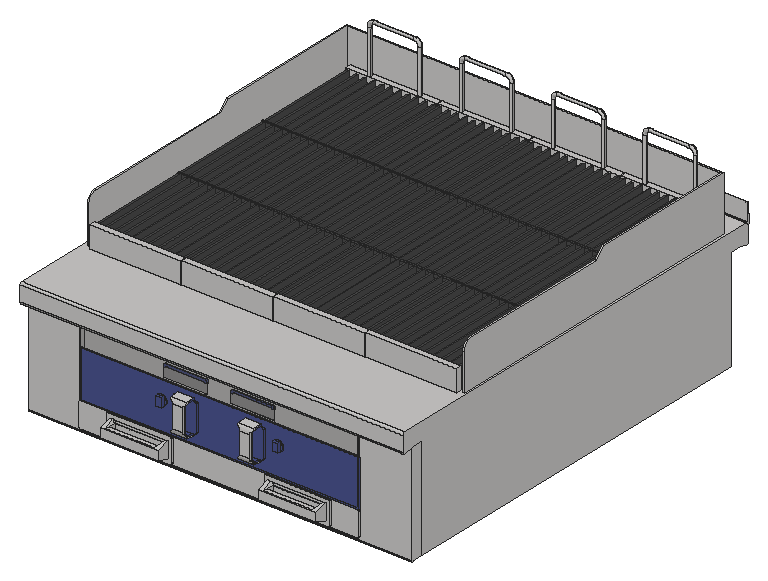
Revit family "QF_ELECTROLUXPROFESSIONAL_593301_MCDAABDOVO", category Specialty Equipment, Revit 2018
Family settings
  Round Connector Dimension = Use Diameter
  Part Type = Normal
  Work Plane-Based = No
  Always vertical = Yes
  Cut with Voids When Loaded = No
  Shared = No
  Room Calculation Point = No
Parameters (values of type "Standard")
  Weight = 65.00 kg
  Watts = 0 W
  Volts = 0 V
  URL Manufacturer = "http://professional.electrolux.com"
  URL = "http://professional.electrolux.com"
  Steam Supply Size = 0"
  Steam Supply Minimum Pressure = 0.00 psi
  Steam Supply Maximum Pressure = 0.00 psi
  Steam Pounds per Hour = 0
  Show Clearance [instance] = yes
  Refrigeration Suction Line Size = 0 mm
  Refrigeration Liquid Line Size = 0 mm
  Refrigerant Compressor Remote = yes
  Phase = 0
  Model = "MCDAABDOVO"
  Manufacturer = "Electrolux Professional"
  Length Actual = 400 mm  # constant formula
  Item Number = "593301"
  Hot Water Size = 0"
  Height Actual = 250 mm  # constant formula
  HP = "0 HP"
  Gas Size = 1/2"
  Gas KW = 9.5
  Gas Input Pressure = 0.776646 Btu/h
  Direct Waste Size = 0"
  Description = "GAS CHARGRILL,TOWNGAS,1S,BS,400X900X250H"
  Depth Actual = 900 mm  # constant formula
  Cycle = 0 Hz
  Condensate Return Size = 0"
  Compressed Air Volume = 0 GPM
  Compressed Air Size = 0"
  Compressed Air Pressure = 0.00 psi
  Cold Water Size = 0"
  Accessory = yes
Reference planes
  plane 1 "BACK": y = 0
  plane 2: z = 0
  plane 3 "LEFT": x = 0
  plane 4 "RIGHT": x = 800
  plane 5 "FRONT": y = -900
  plane 6 "TOP": z = 250
  plane 7: x = 400
  plane 8: y = -450
  plane 9: y = -1330
Forms (mm)
  Extrusion 1, solid, material "QF_Finishes_Stainless Steel"
    sketch origin (0, -487.128, 0) x (0, 1, 0) y (0, 0, 1)
      loop
        line (483.128, 250) -> (-408.872, 250)
        arc (-408.872, 250) -> (-411.7, 248.828) -> (-412.872, 246) r 4
        line (-412.872, 246) -> (-412.872, 214)
        arc (-412.872, 214) -> (-411.443, 210.936) -> (-408.177, 210.061) r 4
        line (-408.177, 210.061) -> (-391.509, 213) -> (-366.872, 213) -> (-366.872, 0) -> (441.128, 0) -> (441.128, 213) -> (465.765, 213) -> (482.433, 210.061)
        arc (482.433, 210.061) -> (485.699, 210.936) -> (487.128, 214) r 4
        line (487.128, 214) -> (487.128, 246)
        arc (487.128, 246) -> (485.956, 248.828) -> (483.128, 250) r 4
    from 0 to 800
  Extrusion 2, solid, material "QF_Finishes_Stainless Steel"
    sketch origin (0, -854, 0) x (1, 0, 0) y (0, -1, 0)
      loop
        circle (760, -264) r 6.35
    from 0 to 3.2
  Extrusion 3, solid, material "QF_Clearances", visible <- "Show Clearance", detail levels coarse
    sketch origin (-178.969, -4572, 0) x (-1, 0, 0) y (0, -1, 0)
      loop
        line (-26.969, -3672) -> (-178.969, -3672) -> (-178.969, -4572) -> (-978.969, -4572) -> (-978.969, -3672) -> (-1130.969, -3672) -> (-1130.969, -4775) -> (-26.969, -4775) -> (-26.969, -3672)
    from 0 to 250
  Extrusion 4, solid, material "QF_Finishes_Stainless Steel"
    sketch origin (0, -950.048, 294.179) x (0, -1, 0) y (0, 0, -1)
      loop
        arc (-948.097, 42.179) -> (-947.511, 43.594) -> (-946.097, 44.179) r 2
        arc (-946.097, 44.179) -> (-948.877, 45.357) -> (-950.048, 48.185) r 4
        line (-950.048, 48.185) -> (-950.048, 6.179) -> (-948.097, 6.179) -> (-948.097, 42.179)
    from 0 to 800
  Extrusion 5, solid, material "QF_Door-Drawer Clearances", visible <- "Show Clearance", detail levels coarse
    sketch origin (437.31, -881.593, 8.62) x (0, 0, 1) y (-1, 0, 0)
      loop
        line (1.973, -254.69) -> (49.317, -254.69)
        arc (49.317, -254.69) -> (50.776, -254.086) -> (51.38, -252.627) r 2.063
        line (51.38, -252.627) -> (51.38, 326.457)
        arc (51.38, 326.457) -> (50.88, 328.154) -> (49.541, 329.31) r 3.133
        line (49.541, 329.31) -> (3.067, 329.31)
        arc (3.067, 329.31) -> (0.898, 328.412) -> (0, 326.243) r 3.067
        line (0, 326.243) -> (0, -252.717)
        arc (0, -252.717) -> (0.578, -254.112) -> (1.973, -254.69) r 1.973
    from 0 to 448.407
Lines and regions (mm)
  symbolic lines
    curve 1: line (0, 0, 0) -> (800, 0, 0)
    curve 2: line (0, -900, 0) -> (0, 0, 0)
    curve 3: line (800, -900, 0) -> (0, -900, 0)
    curve 4: line (800, 0, 0) -> (800, -900, 0)
  symbolic lines, style "QF_Clearances", visible <- "Show Clearance", detail levels coarse
    curve 5: line (-152, 203, 0) -> (-152, -900, 0)
    curve 6: line (952, 203, 0) -> (-152, 203, 0)
    curve 7: line (952, -900, 0) -> (952, 203, 0)
  symbolic lines, style "SpecialityEquipment"
    curve 8: line (0, -1.951, 0) -> (800, -1.951, 0)
  symbolic lines, style "QF_Door-Drawer Clearances"
    curve 9: line (108, -900, 0) -> (108, -1330, 0)
    curve 10: line (108, -1330, 0) -> (692, -1330, 0)
    curve 11: line (692, -1330, 0) -> (692, -900, 0)
Dimensions and locks
  plane 3 "LEFT" to plane 4 "RIGHT" = 800 mm
  plane 5 "FRONT" to plane 1 "BACK" = 900 mm
  equal spacing: plane 3 "LEFT", plane 7, plane 4 "RIGHT"
  equal spacing: plane 5 "FRONT", plane 8, plane 1 "BACK"
  plane 6 "TOP" to level = 250 mm  (x2)
  plane 1 "BACK" to plane 5 "FRONT" = 900 mm
  Extrusion 2 sketch curve to plane 1 "BACK" = 590 mm
  Extrusion 2 sketch curve to plane 4 "RIGHT" = 40 mm
  Extrusion 3 to plane 3 "LEFT" = 152 mm
  locked: plane 4 "RIGHT" to Extrusion 3 at 152
  plane 1 "BACK" to Extrusion 3 = 203 mm
  plane 5 "FRONT" to plane 9 = 430 mm
  aligned and locked: level to plane 2
  aligned and locked: plane 6 "TOP" to Extrusion 3
  aligned and locked: Extrusion 1 to plane 4 "RIGHT"
  aligned and locked: plane 7 to nested 1
Automatic sketch dimensions
  Extrusion 1 sketch curve to plane 5 "FRONT" = 0 mm
  Extrusion 1 sketch curve to plane 6 "TOP" = 0 mm
  Extrusion 1 sketch curve to level = 0 mm
  Extrusion 1 sketch curve to plane 1 "BACK" = 0 mm
  Extrusion 1 sketch curve to plane 6 "TOP" = 37 mm  (x2)
  Extrusion 1 sketch curve to plane 5 "FRONT" = 4 mm
  Extrusion 1 sketch curve to plane 5 "FRONT" = 21.363 mm
  Extrusion 1 sketch curve to Extrusion 1 sketch curve = 24.637 mm
  plane 1 "BACK" to Extrusion 1 sketch curve = 46 mm
  plane 1 "BACK" to Extrusion 1 sketch curve = 21.363 mm
  plane 1 "BACK" to Extrusion 1 sketch curve = 4 mm  (x2)
  Extrusion 1 sketch curve to Extrusion 1 sketch curve = 4 mm
  Extrusion 1 sketch curve to Extrusion 1 sketch curve = 0.695 mm
  Extrusion 1 sketch curve to Extrusion 1 sketch curve = 0 mm  (x4)
  plane 1 "BACK" to Extrusion 1 sketch curve = 4.695 mm
  Extrusion 1 sketch curve to Extrusion 1 sketch curve = 1 mm  (x2)
  plane 5 "FRONT" to Extrusion 3 sketch curve = 0 mm  (x2)
  plane 1 "BACK" to Extrusion 3 sketch curve = 0 mm
  Extrusion 3 sketch curve to plane 4 "RIGHT" = 0 mm
  Extrusion 3 sketch curve to plane 3 "LEFT" = 0 mm
  Extrusion 3 sketch curve to plane 1 "BACK" = 203 mm
  Extrusion 3 sketch curve to plane 4 "RIGHT" = 152 mm
  Extrusion 3 sketch curve to plane 3 "LEFT" = 152 mm
  curve 4 to plane 4 "RIGHT" = 0 mm
  plane 1 "BACK" to curve 1 = 0 mm
  curve 1 to plane 3 "LEFT" = 0 mm
  plane 5 "FRONT" to curve 4 = 0 mm
  plane 5 "FRONT" to curve 7 = 0 mm
  plane 5 "FRONT" to curve 5 = 0 mm
  curve 6 to plane 4 "RIGHT" = 152 mm
  curve 5 to plane 3 "LEFT" = 152 mm
  curve 7 to plane 1 "BACK" = 203 mm
  plane 1 "BACK" to curve 8 = 1.951 mm
  Extrusion 4 sketch curve to plane 1 "BACK" = 0 mm  (x2)
  Extrusion 4 sketch curve to plane 6 "TOP" = 2 mm
  Extrusion 4 sketch curve to plane 6 "TOP" = 0 mm
  Extrusion 4 sketch curve to Extrusion 4 sketch curve = 1.951 mm
  plane 6 "TOP" to Extrusion 4 sketch curve = 0.006 mm
  Extrusion 4 sketch curve to Extrusion 4 sketch curve = 0.049 mm
  Extrusion 4 sketch curve to Extrusion 4 sketch curve = 36 mm
  Extrusion 4 sketch curve to Extrusion 4 sketch curve = 0 mm
  plane 5 "FRONT" to curve 9 = 0 mm
  plane 5 "FRONT" to curve 11 = 0 mm
  plane 3 "LEFT" to curve 9 = 108 mm
  plane 4 "RIGHT" to curve 11 = 108 mm
  curve 11 to curve 11 = 430 mm
  level to Extrusion 5 sketch curve = 8.62 mm
  level to Extrusion 5 sketch curve = 57.937 mm
  plane 4 "RIGHT" to Extrusion 5 sketch curve = 108 mm
  Extrusion 5 sketch curve to Extrusion 5 sketch curve = 1.973 mm
  Extrusion 5 sketch curve to Extrusion 5 sketch curve = 3.067 mm
  Extrusion 5 sketch curve to Extrusion 5 sketch curve = 46.474 mm
  Extrusion 5 sketch curve to Extrusion 5 sketch curve = 2.063 mm
  Extrusion 5 sketch curve to Extrusion 5 sketch curve = 1.293 mm
  plane 3 "LEFT" to Extrusion 5 sketch curve = 111.067 mm
  radius of Extrusion 2 sketch curve = 6.35 mm
Nested families
  nested 1: "FMGC_900_800 Front Panel two knobs" at (-200.158, -854, -650), type "FMGC_900_800 Front Panel two knobs"
    with Width 800 mm
  nested 2: "FMGC_900_CharGrill" at (138.888, -5, 0), type "FMGC_900_CharGrill"
    with Width 800 mm, No. of Rails 4, Grill Width 190 mm
Connectors
  piping at (760, -590, -3.2), diameter 12.8
    settings: on Extrusion 2, index 1, connector inside diameter 0.50394", connector length 0 mm, flow factor 0, pipe flow 0 GPM, pressure drop 0.00 psi, fitting loss kfactor 0, connector angle 0.00°, fixture units 0, engagement length 0 mm, angle of deflection 0.00°, flow configuration 1, flow direction 1, fitting loss method 0, system type 7, joint type 0, gender type 0, connector reference index -1, connector utility 0, adjustable connector no, is connector primary yes, connector description "GAS CONNECTION"
Definition of nested family "FMGC_900_800 Front Panel two knobs"
  Parameters
    Width [instance] = 800 mm
    Keynote = ""
  Reference planes
    plane 1 "Center (Front/Back)": y = 0
    plane 2: z = 0
    plane 3 "Center (Left/Right)": x = 200.158
    plane 4: x = 600.158
    plane 5: x = 530.079
    plane 6: x = 670.237
    plane 7: x = 1000.158
  Forms (mm)
    Extrusion 1, void
      sketch origin (1213.217, 829.203, -1.25) x (1, 0, 0) y (0, 0, 1)
        loop
          line (-321.059, 853.25) -> (-905.059, 853.25) -> (-905.059, 711.25) -> (-321.059, 711.25) -> (-321.059, 853.25)
      from 843.409 to 854.203
    Extrusion 2, solid
      sketch origin (1133.217, 829.203, -1.25) x (0, 1, 0) y (0, 0, 1)
        loop
          arc (-854.203, 654.25) -> (-853.324, 652.129) -> (-851.203, 651.25) r 3
          line (-851.203, 651.25) -> (-829.203, 651.25) -> (-829.203, 864.25) -> (-854.203, 864.25) -> (-854.203, 654.25)
      from -933.059 to -133.059
    Extrusion 3, solid
      sketch origin (520.816, -23.053, 847.184) x (0, 0, -1) y (1, 0, 0)
        loop
          circle (77.168, 200.901) r 11
      from 0 to 3.2
    Extrusion 4, solid
      sketch origin (520.816, -26.253, 847.184) x (0, 0, -1) y (1, 0, 0)
        loop
          line (67.962, 195.586) -> (86.297, 195.586) -> (86.297, 206.217) -> (67.962, 206.217) -> (67.962, 195.586)
      from 0 to 6.4
    Extrusion 5, solid
      sketch origin (679.5, -23.053, 847.184) x (0, 0, -1) y (1, 0, 0)
        loop
          circle (77.168, -200.901) r 11
      from 0 to 3.2
    Extrusion 6, solid
      sketch origin (679.5, -26.253, 847.184) x (0, 0, -1) y (1, 0, 0)
        loop
          line (67.962, -195.586) -> (67.962, -206.217) -> (86.297, -206.217) -> (86.297, -195.586) -> (67.962, -195.586)
      from 0 to 6.4
  Cuts and joins
    Extrusion 1 cuts Extrusion 2
  Lines and regions (mm)
    symbolic lines
      curve 1: line (384.141, -54.767, 0) -> (382.563, -46, 0)
      curve 2: line (384.141, -54.767, 0) -> (486.575, -54.767, 0)
      curve 3: line (486.575, -54.767, 0) -> (488.153, -46, 0)
      curve 4: line (713.74, -54.767, 0) -> (712.163, -46, 0)
      curve 5: line (816.175, -54.767, 0) -> (713.74, -54.767, 0)
      curve 6: line (816.175, -54.767, 0) -> (817.752, -46, 0)
      curve 7: line (514.26, -46, 0) -> (519.866, -47.583, 0)
      curve 8: line (519.866, -47.583, 0) -> (540.795, -47.583, 0)
      curve 9: line (540.795, -47.583, 0) -> (545.973, -46, 0)
      curve 10: line (686.055, -46, 0) -> (680.449, -47.583, 0)
      curve 11: line (680.449, -47.583, 0) -> (659.521, -47.583, 0)
      curve 12: line (659.521, -47.583, 0) -> (654.343, -46, 0)
  Dimensions and locks
    equal spacing: plane 7, plane 4, plane 3 "Center (Left/Right)"
    "Width": plane 7 to plane 3 "Center (Left/Right)"
    equal spacing: plane 6, plane 4, plane 5
    Extrusion 1 sketch curve to plane 4 to Extrusion 1 sketch curve = 292 mm locked, 292 mm locked
    aligned and locked: Extrusion 1 to nested 3
    aligned and locked: plane 6 to nested 2
    aligned and locked: cut or joined group of Extrusion 1, Extrusion 2 to plane 7
    aligned and locked: cut or joined group of Extrusion 1, Extrusion 2 to plane 3 "Center (Left/Right)"
  Automatic sketch dimensions
    Extrusion 4 sketch curve to Extrusion 4 sketch curve = 18.335 mm
    Extrusion 4 sketch curve to Extrusion 4 sketch curve = 10.631 mm
    Extrusion 6 sketch curve to Extrusion 6 sketch curve = 18.335 mm
    Extrusion 6 sketch curve to Extrusion 6 sketch curve = 10.631 mm
    plane 1 "Center (Front/Back)" to curve 2 = 54.767 mm
    curve 2 to plane 5 = 145.938 mm
    plane 1 "Center (Front/Back)" to curve 5 = 54.767 mm
    curve 2 to plane 5 = 43.504 mm
    curve 8 to plane 5 = 10.213 mm
    plane 5 to curve 8 = 10.716 mm
    curve 11 to plane 6 = 10.716 mm
    plane 6 to curve 10 = 10.213 mm
    curve 10 to curve 4 = 33.291 mm
    curve 4 to curve 5 = 102.435 mm
    plane 1 "Center (Front/Back)" to curve 1 = 46 mm
    curve 1 to curve 1 = 1.578 mm
    curve 2 to curve 3 = 1.578 mm
    curve 7 to curve 7 = 5.606 mm
    curve 8 to curve 9 = 5.178 mm
    curve 12 to curve 11 = 5.178 mm
    curve 10 to curve 10 = 5.606 mm
    curve 4 to curve 4 = 1.578 mm
    plane 1 "Center (Front/Back)" to curve 6 = 46 mm
    curve 5 to curve 6 = 1.578 mm
    plane 1 "Center (Front/Back)" to curve 12 = 47.583 mm
    plane 1 "Center (Front/Back)" to curve 9 = 47.583 mm
    curve 7 to curve 7 = 1.583 mm
    curve 8 to curve 9 = 1.583 mm
    curve 2 to curve 3 = 8.767 mm
    curve 10 to curve 10 = 1.583 mm
    curve 4 to curve 4 = 8.767 mm
    curve 11 to curve 12 = 1.583 mm
    level to Extrusion 1 sketch curve = 710 mm
    Extrusion 1 sketch curve to Extrusion 1 sketch curve = 142 mm
    Extrusion 2 sketch curve to plane 1 "Center (Front/Back)" = 0 mm
    level to Extrusion 2 sketch curve = 650 mm
    Extrusion 2 sketch curve to Extrusion 2 sketch curve = 22 mm
    Extrusion 2 sketch curve to Extrusion 2 sketch curve = 3 mm
    Extrusion 2 sketch curve to Extrusion 2 sketch curve = 210 mm
    plane 6 to Extrusion 3 sketch curve = 51.48 mm
    level to Extrusion 3 sketch curve = 770.016 mm
    Extrusion 5 sketch curve to plane 5 = 51.48 mm
    level to Extrusion 5 sketch curve = 770.016 mm
    radius of Extrusion 3 sketch curve = 11 mm
    radius of Extrusion 5 sketch curve = 11 mm
  Nested families
    nested 1: "FMGC_Sml  Range Control Handle" at (530.079, -26.645, -204.867), type "FMGC_Sml  Range Control Handle"
    nested 2: "FMGC_Sml  Range Control Handle" at (670.237, -26.645, -204.867), type "FMGC_Sml  Range Control Handle"
    nested 3: "800 Glass Control Pannel with two reads" at (308.158, -26.645, 5.811), type "800 Glass Control Pannel with two reads"
    nested 4: "FMGC_grease trap door" at (892.158, -25, 0.608) x (-1, 0, 0) z (0, 0, 1), type "FMGC_grease trap door"
  Definition of nested family "FMGC_Sml  Range Control Handle"
    Reference planes
      plane 1 "Center (Front/Back)": y = 0
      plane 2: z = 0
      plane 3 "Center (Left/Right)": x = 0
      plane 4: z = 971.092
    Forms (mm)
      Extrusion 1, solid
        sketch origin (-746.28, 380.497, 208.931) x (-1, 0, 0) y (0, 0, 1)
          loop
            line (-770.101, 786.798) -> (-770.101, 731.649)
            arc (-770.101, 731.649) -> (-769.759, 730.563) -> (-768.855, 729.87) r 1.893
            line (-768.855, 729.87) -> (-763.474, 727.911) -> (-729.81, 727.911) -> (-724.428, 729.87)
            arc (-724.428, 729.87) -> (-723.525, 730.563) -> (-723.183, 731.649) r 1.893
            line (-723.183, 731.649) -> (-723.183, 786.798)
            arc (-723.183, 786.798) -> (-723.529, 787.894) -> (-724.44, 788.593) r 1.91
            line (-724.44, 788.593) -> (-729.683, 790.819) -> (-763.601, 790.819) -> (-768.844, 788.593)
            arc (-768.844, 788.593) -> (-769.755, 787.894) -> (-770.101, 786.798) r 1.91
        from -382.35 to -378.852
      Sweep 2, solid
        path origin (-746.788, 380.496, 208.091) x (0, -1, 0) y (0, 0, 1)
          loop
            line (379.775, 793.281) -> (395.661, 791.048)
            arc (395.661, 791.048) -> (397.781, 787.377) -> (398.517, 783.202) r 12.207
            line (398.517, 783.202) -> (398.517, 737.368)
            arc (398.517, 737.368) -> (397.781, 733.193) -> (395.661, 729.522) r 12.207
            line (395.661, 729.522) -> (379.775, 727.289)
        profile origin (-746.788, -7.222, 1000.256) x (0, -0.139173, 0.990268) y (-1, 0, 0)
          loop
            line (0.782, -763.123) -> (0.782, -730.907) -> (-1.322, -730.907) -> (-1.322, -763.123) -> (0.782, -763.123)
      Sweep 3, solid
        path origin (-746.788, 380.715, 207.832) x (0, -1, 0) y (0, 0, 1)
          loop
            line (380.478, 795.442) -> (397.218, 793.09)
            arc (397.218, 793.09) -> (399.929, 788.473) -> (400.871, 783.202) r 15.207
            line (400.871, 783.202) -> (400.871, 737.584)
            arc (400.871, 737.584) -> (399.914, 732.274) -> (397.164, 727.633) r 15.207
            line (397.164, 727.633) -> (380.601, 725.305)
        profile origin (-746.788, -8.132, 1002.099) x (0, -0.139173, 0.990268) y (-1, 0, 0)
          loop
            line (0.782, -763.123) -> (0.782, -730.907) -> (-1.322, -730.907) -> (-1.322, -763.123) -> (0.782, -763.123)
      Extrusion 4, void
        sketch origin (889.253, 220.666, 207.993) x (1, 0, 0) y (0, 0, 1)
          loop
            line (-943.038, 816.854) -> (-943.038, 703.686) -> (-899.466, 734.196) -> (-899.466, 786.344) -> (-943.038, 816.854)
        from 230.636 to 242.25
      Extrusion 5, void
        sketch origin (-888.8, 220.666, 207.993) x (-1, 0, 0) y (0, 0, -1)
          loop
            line (-943.038, -816.854) -> (-899.466, -786.344) -> (-899.466, -734.196) -> (-943.038, -703.686) -> (-943.038, -816.854)
        from 230.636 to 242.25
      Extrusion 6, solid
        sketch origin (0, 0, 0) x (1, 0, 0) y (0, 0, 1)
          loop
            circle (0, 971.092) r 7.736
        from -3.137 to -1.645
    Cuts and joins
      Extrusion 4, Extrusion 5 cuts Sweep 3
      Extrusion 4, Extrusion 5 cuts Sweep 2
      joined: Extrusion 1, Extrusion 6
    Lines and regions (mm)
      symbolic lines
        curve 1: line (23.821, 1.645, 0) -> (-23.097, 1.645, 0)
        curve 2: line (16.334, -1.853, 0) -> (23.821, -1.853, 0)
        curve 3: line (-15.881, -19.189, 0) -> (-15.881, -1.853, 0)
        curve 4: line (-23.097, -1.853, 0) -> (-15.881, -1.853, 0)
        curve 5: line (16.334, -19.189, 0) -> (16.334, -1.853, 0)
        curve 6: spline (-15.881, -19.189, 0) -> (-15.417, -19.349, 0) -> (-14.951, -19.501, 0) -> (-14.483, -19.646, 0) -> (-14.014, -19.783, 0) -> (-13.543, -19.912, 0) -> (-13.071, -20.033, 0) -> (-12.597, -20.146, 0) -> (-12.122, -20.251, 0) -> (-11.646, -20.349, 0) -> (-11.169, -20.438, 0) -> (-10.691, -20.52, 0) -> (-10.213, -20.593, 0)
        curve 7: spline (10.666, -20.593, 0) -> (11.144, -20.52, 0) -> (11.622, -20.438, 0) -> (12.099, -20.349, 0) -> (12.575, -20.251, 0) -> (13.05, -20.146, 0) -> (13.524, -20.033, 0) -> (13.996, -19.912, 0) -> (14.467, -19.783, 0) -> (14.936, -19.646, 0) -> (15.404, -19.501, 0) -> (15.87, -19.349, 0) -> (16.334, -19.189, 0)
        curve 8: line (-10.213, -20.938, 0) -> (10.716, -20.938, 0)
        curve 9: line (-23.097, 1.645, 0) -> (-23.097, -1.853, 0)
        curve 10: line (23.821, 1.645, 0) -> (23.821, -1.853, 0)
    Dimensions and locks
      cut or joined group of Sweep 3, Extrusion 4, Extrusion 5 to cut or joined group of Sweep 3, Extrusion 4, Extrusion 5 = 71.686 mm
  Definition of nested family "800 Glass Control Pannel with two reads"
    Reference planes
      plane 1 "Center (Front/Back)": y = 0
      plane 2: z = 0
      plane 3 "Center (Left/Right)": x = 0
      plane 4: x = 584
      plane 5: x = 581.091
      plane 6 "Top": z = 846.189
      plane 7 "Center": x = 292
      plane 8: x = 362
      plane 9: x = 222
    Forms (mm)
      Extrusion 1, solid
        sketch origin (550.286, 304.8, -4.308) x (1, 0, 0) y (0, 0, 1)
          loop
            line (-550.286, 806.791) -> (-550.286, 708.497) -> (33.714, 708.497) -> (33.714, 806.791) -> (-550.286, 806.791)
        from 300.031 to 304.8
      Extrusion 2, solid
        sketch origin (550.286, 304.8, -4.308) x (1, 0, 0) y (0, 0, 1)
          loop
            line (-550.286, 850.497) -> (-550.286, 806.791) -> (33.714, 806.791) -> (33.714, 850.497) -> (-550.286, 850.497)
        from 300.031 to 304.8
      Extrusion 3, void
        sketch origin (550.286, 304.8, -4.308) x (1, 0, 0) y (0, 0, 1)
          loop
            line (-547.628, 847.565) -> (-547.628, 710.699) -> (30.804, 710.699) -> (30.804, 847.565) -> (-547.628, 847.565)
        from 303.697 to 304.8
      Extrusion 4, solid, not visible
        sketch origin (493.319, 305.901, -4.308) x (1, 0, 0) y (0, 0, 1)
          loop
            line (-96.074, 812.62) -> (-96.074, 834.177) -> (-100.807, 834.177) -> (-102.607, 835.977) -> (-181.357, 835.977) -> (-183.157, 834.177) -> (-188.074, 834.177) -> (-188.074, 812.62) -> (-96.074, 812.62)
        from 304.798 to 306.745
      Extrusion 5, solid, not visible
        sketch origin (493.319, 305.901, -4.308) x (1, 0, 0) y (0, 0, 1)
          loop
            line (-183.059, 834.177) -> (-181.26, 835.977) -> (-102.627, 835.977) -> (-100.827, 834.177) -> (-96.116, 834.177)
            arc (-96.116, 834.177) -> (-97.293, 838.752) -> (-101.568, 840.763) r 5.549
            line (-101.568, 840.763) -> (-182.476, 840.763)
            arc (-182.476, 840.763) -> (-186.732, 838.747) -> (-187.868, 834.177) r 5.5
            line (-187.868, 834.177) -> (-183.059, 834.177)
        from 304.798 to 306.745
      Extrusion 6, solid
        sketch origin (425.389, 305.901, -4.308) x (1, 0, 0) y (0, 0, 1)
          loop
            line (-17.411, 812.62) -> (-17.411, 834.177) -> (-22.144, 834.177) -> (-23.944, 835.977) -> (-102.694, 835.977) -> (-104.494, 834.177) -> (-109.411, 834.177) -> (-109.411, 812.62) -> (-17.411, 812.62)
        from 304.798 to 306.745
      Extrusion 7, solid
        sketch origin (425.389, 305.901, -4.308) x (1, 0, 0) y (0, 0, 1)
          loop
            line (-104.396, 834.177) -> (-102.597, 835.977) -> (-23.964, 835.977) -> (-22.164, 834.177) -> (-17.453, 834.177)
            arc (-17.453, 834.177) -> (-18.63, 838.752) -> (-22.905, 840.763) r 5.549
            line (-22.905, 840.763) -> (-103.813, 840.763)
            arc (-103.813, 840.763) -> (-108.069, 838.747) -> (-109.205, 834.177) r 5.5
            line (-109.205, 834.177) -> (-104.396, 834.177)
        from 304.798 to 306.745
      Extrusion 8, solid
        sketch origin (561.21, 305.901, -4.308) x (1, 0, 0) y (0, 0, 1)
          loop
            line (-385.188, 812.62) -> (-293.188, 812.62) -> (-293.188, 834.177) -> (-298.105, 834.177) -> (-299.905, 835.977) -> (-378.655, 835.977) -> (-380.455, 834.177) -> (-385.188, 834.177) -> (-385.188, 812.62)
        from 304.798 to 306.745
      Extrusion 9, solid
        sketch origin (561.21, 305.901, -4.308) x (1, 0, 0) y (0, 0, 1)
          loop
            line (-298.203, 834.177) -> (-293.394, 834.177)
            arc (-293.394, 834.177) -> (-294.53, 838.747) -> (-298.786, 840.763) r 5.5
            line (-298.786, 840.763) -> (-379.695, 840.763)
            arc (-379.695, 840.763) -> (-383.97, 838.752) -> (-385.146, 834.177) r 5.549
            line (-385.146, 834.177) -> (-380.435, 834.177) -> (-378.636, 835.977) -> (-300.003, 835.977) -> (-298.203, 834.177)
        from 304.798 to 306.745
    Cuts and joins
      Extrusion 3 cuts Extrusion 1
      Extrusion 3 cuts Extrusion 2
    Lines and regions (mm)
      symbolic lines
        curve 1: line (0, 4.769, 0) -> (584, 4.769, 0)
    Dimensions and locks
      plane 7 "Center" to plane 9 = 70 mm
      plane 8 to plane 7 "Center" = 70 mm
      aligned and locked: Extrusion 1 to Extrusion 2
      aligned and locked: Extrusion 6 to Extrusion 7
      aligned and locked: Extrusion 8 to Extrusion 9
  Definition of nested family "FMGC_grease trap door"
    Reference planes
      plane 1 "Center (Front/Back)": y = 0
      plane 2: z = 0
      plane 3 "Center (Left/Right)": x = 0
      plane 4: x = 584
      plane 5: x = 292
    Forms (mm)
      Extrusion 1, solid
        sketch origin (1686.556, 854.203, -1.25) x (1, 0, 0) y (0, 0, 1)
          loop
            arc (-1627.55, 661.235) -> (-1626.972, 659.84) -> (-1625.577, 659.262) r 1.973
            line (-1625.577, 659.262) -> (-1494.325, 659.262)
            arc (-1494.325, 659.262) -> (-1492.156, 660.16) -> (-1491.258, 662.329) r 3.067
            line (-1491.258, 662.329) -> (-1491.258, 708.803)
            arc (-1491.258, 708.803) -> (-1492.414, 710.143) -> (-1494.111, 710.642) r 3.133
            line (-1494.111, 710.642) -> (-1625.486, 710.642)
            arc (-1625.486, 710.642) -> (-1626.945, 710.038) -> (-1627.55, 708.579) r 2.063
            line (-1627.55, 708.579) -> (-1627.55, 661.235)
        from 856.795 to 859.203
      Extrusion 2, solid
        sketch origin (504.88, 2476.61, 0) x (0, 1, 0) y (0, 0, 1)
          loop
            line (-2506.377, 675.273) -> (-2481.61, 667.505) -> (-2481.61, 700.995) -> (-2506.377, 693.227) -> (-2506.377, 675.273)
        from -437.68 to -317.68
      Extrusion 3, void
        sketch origin (1686.556, 854.203, -1.25) x (1, 0, 0) y (0, 0, 1)
          loop
            line (-1614.883, 703) -> (-1610.542, 695.433) -> (-1508.17, 695.433) -> (-1503.828, 703) -> (-1614.883, 703)
          loop
            line (-1614.883, 668) -> (-1502.669, 668) -> (-1507.01, 675.567) -> (-1610.542, 675.567) -> (-1614.883, 668)
        from 832.916 to 883.97
      Extrusion 4, void
        sketch origin (506.556, 854.203, -1.25) x (1, 0, 0) y (0, 0, 1)
          loop
            line (-430.542, 695.433) -> (-430.542, 675.567) -> (-328.17, 675.567) -> (-328.17, 695.433) -> (-430.542, 695.433)
        from 859.203 to 874.202
      Extrusion 5, solid
        sketch origin (1731.556, 854.203, -1.25) x (1, 0, 0) y (0, 0, 1)
          loop
            arc (-1731.556, 661.235) -> (-1730.978, 659.84) -> (-1729.583, 659.262) r 1.973
            line (-1729.583, 659.262) -> (-1150.623, 659.262)
            arc (-1150.623, 659.262) -> (-1148.454, 660.16) -> (-1147.556, 662.329) r 3.067
            line (-1147.556, 662.329) -> (-1147.556, 708.803)
            arc (-1147.556, 708.803) -> (-1148.712, 710.143) -> (-1150.409, 710.642) r 3.133
            line (-1150.409, 710.642) -> (-1729.493, 710.642)
            arc (-1729.493, 710.642) -> (-1730.952, 710.038) -> (-1731.556, 708.579) r 2.063
            line (-1731.556, 708.579) -> (-1731.556, 661.235)
        from 854.203 to 856.795
      Extrusion 6, solid
        sketch origin (-1102.556, 854.203, -1.25) x (-1, 0, 0) y (0, 0, -1)
          loop
            line (-1627.55, -661.235) -> (-1627.55, -708.579)
            arc (-1627.55, -708.579) -> (-1626.945, -710.038) -> (-1625.486, -710.642) r 2.063
            line (-1625.486, -710.642) -> (-1494.111, -710.642)
            arc (-1494.111, -710.642) -> (-1492.414, -710.143) -> (-1491.258, -708.803) r 3.133
            line (-1491.258, -708.803) -> (-1491.258, -662.329)
            arc (-1491.258, -662.329) -> (-1492.156, -660.16) -> (-1494.325, -659.262) r 3.067
            line (-1494.325, -659.262) -> (-1625.577, -659.262)
            arc (-1625.577, -659.262) -> (-1626.972, -659.84) -> (-1627.55, -661.235) r 1.973
        from 856.795 to 859.203
      Extrusion 7, solid
        sketch origin (79.12, 2476.61, 0) x (0, 1, 0) y (0, 0, -1)
          loop
            line (-2506.377, -675.273) -> (-2506.377, -693.227) -> (-2481.61, -700.995) -> (-2481.61, -667.505) -> (-2506.377, -675.273)
        from -437.68 to -317.68
      Extrusion 8, void
        sketch origin (-1102.556, 854.203, -1.25) x (-1, 0, 0) y (0, 0, -1)
          loop
            line (-1614.883, -703) -> (-1503.828, -703) -> (-1508.17, -695.433) -> (-1610.542, -695.433) -> (-1614.883, -703)
          loop
            line (-1614.883, -668) -> (-1610.542, -675.567) -> (-1507.01, -675.567) -> (-1502.669, -668) -> (-1614.883, -668)
        from 832.916 to 883.97
      Extrusion 9, void
        sketch origin (77.444, 854.203, -1.25) x (-1, 0, 0) y (0, 0, -1)
          loop
            line (-430.542, -695.433) -> (-328.17, -695.433) -> (-328.17, -675.567) -> (-430.542, -675.567) -> (-430.542, -695.433)
        from 859.203 to 874.202
    Cuts and joins
      Extrusion 3, Extrusion 8, Extrusion 9 cuts Extrusion 1
      Extrusion 3, Extrusion 4, Extrusion 8, Extrusion 9 cuts Extrusion 2
      joined: Extrusion 1, Extrusion 2
      Extrusion 8 cuts Extrusion 6
      Extrusion 8, Extrusion 9 cuts Extrusion 7
    Lines and regions (mm)
      symbolic lines
        curve 1: line (0, -2.593, 0) -> (136.292, -2.593, 0)
        curve 2: line (75.983, -29.767, 0) -> (71.093, -2.593, 0)
        curve 3: line (75.983, -29.767, 0) -> (178.418, -29.767, 0)
        curve 4: line (178.418, -29.767, 0) -> (183.308, -2.593, 0)
        curve 5: line (68.146, -2.593, 0) -> (68.146, -29.767, 0)
        curve 8: line (508.017, -29.767, 0) -> (512.907, -2.593, 0)
        curve 9: line (508.017, -29.767, 0) -> (405.582, -29.767, 0)
        curve 10: line (405.582, -29.767, 0) -> (400.692, -2.593, 0)
      model lines
        curve 6: line (126.605, 0, 658.012) -> (126.605, 0, 709.392)
        curve 7: line (457.395, 0, 658.012) -> (457.395, 0, 709.392)
    Dimensions and locks
      plane 4 to plane 3 "Center (Left/Right)" = 584 mm
      equal spacing: plane 4, plane 5, plane 3 "Center (Left/Right)"
      aligned and locked: Extrusion 2 to Extrusion 1
      aligned and locked: Extrusion 3 to Extrusion 2
      aligned and locked: Extrusion 4 to Extrusion 1
      aligned and locked: Extrusion 6 to Extrusion 7
      aligned and locked: Extrusion 7 to Extrusion 8
      aligned and locked: Extrusion 6 to Extrusion 9
    Automatic sketch dimensions
      plane 3 "Center (Left/Right)" to curve 6 = 126.605 mm
      curve 7 to plane 4 = 126.605 mm
      level to curve 7 = 658.012 mm
      curve 6 to curve 7 = 0 mm
      curve 7 to curve 7 = 51.38 mm
      curve 6 to curve 6 = 51.38 mm
      plane 3 "Center (Left/Right)" to Extrusion 1 sketch curve = 59.006 mm
      plane 3 "Center (Left/Right)" to Extrusion 1 sketch curve = 60.979 mm
      level to Extrusion 1 sketch curve = 658.012 mm
      Extrusion 1 sketch curve to Extrusion 1 sketch curve = 2.063 mm
      Extrusion 1 sketch curve to plane 5 = 99.769 mm
      Extrusion 1 sketch curve to Extrusion 1 sketch curve = 0.214 mm
      Extrusion 1 sketch curve to Extrusion 1 sketch curve = 3.067 mm
      Extrusion 1 sketch curve to Extrusion 1 sketch curve = 47.344 mm
      Extrusion 1 sketch curve to Extrusion 1 sketch curve = 1.839 mm
      plane 3 "Center (Left/Right)" to Extrusion 3 sketch curve = 71.673 mm  (x2)
      level to Extrusion 3 sketch curve = 666.75 mm
      Extrusion 3 sketch curve to Extrusion 3 sketch curve = 4.341 mm  (x4)
      Extrusion 3 sketch curve to Extrusion 3 sketch curve = 102.372 mm
      Extrusion 3 sketch curve to Extrusion 3 sketch curve = 1.16 mm
      Extrusion 3 sketch curve to Extrusion 3 sketch curve = 7.567 mm  (x2)
      Extrusion 3 sketch curve to Extrusion 3 sketch curve = 19.866 mm
      plane 3 "Center (Left/Right)" to Extrusion 4 sketch curve = 76.014 mm
      level to Extrusion 4 sketch curve = 674.317 mm
      Extrusion 4 sketch curve to Extrusion 4 sketch curve = 102.372 mm
      Extrusion 4 sketch curve to Extrusion 4 sketch curve = 19.866 mm
      Extrusion 5 sketch curve to plane 3 "Center (Left/Right)" = 0 mm
      Extrusion 5 sketch curve to plane 4 = 0 mm
      plane 3 "Center (Left/Right)" to Extrusion 5 sketch curve = 1.973 mm
      level to Extrusion 5 sketch curve = 658.012 mm
      plane 3 "Center (Left/Right)" to Extrusion 5 sketch curve = 2.063 mm
      Extrusion 5 sketch curve to plane 4 = 3.067 mm
      Extrusion 5 sketch curve to plane 4 = 2.853 mm
      Extrusion 5 sketch curve to Extrusion 5 sketch curve = 47.344 mm
      Extrusion 5 sketch curve to Extrusion 5 sketch curve = 1.839 mm
      Extrusion 6 sketch curve to plane 4 = 59.006 mm
      plane 5 to Extrusion 6 sketch curve = 99.555 mm
      level to Extrusion 6 sketch curve = 709.392 mm
      Extrusion 6 sketch curve to Extrusion 6 sketch curve = 1.973 mm
      Extrusion 6 sketch curve to Extrusion 6 sketch curve = 2.063 mm
      Extrusion 6 sketch curve to Extrusion 6 sketch curve = 0.214 mm
      Extrusion 6 sketch curve to Extrusion 6 sketch curve = 3.067 mm
      Extrusion 6 sketch curve to Extrusion 6 sketch curve = 1.839 mm
      Extrusion 6 sketch curve to Extrusion 6 sketch curve = 45.181 mm
      Extrusion 8 sketch curve to plane 4 = 71.673 mm
      level to Extrusion 8 sketch curve = 701.75 mm
      Extrusion 8 sketch curve to Extrusion 8 sketch curve = 0 mm
      Extrusion 8 sketch curve to Extrusion 8 sketch curve = 4.341 mm  (x4)
      Extrusion 8 sketch curve to Extrusion 8 sketch curve = 102.372 mm
      Extrusion 8 sketch curve to Extrusion 8 sketch curve = 1.16 mm
      Extrusion 8 sketch curve to Extrusion 8 sketch curve = 7.567 mm  (x2)
      Extrusion 8 sketch curve to Extrusion 8 sketch curve = 19.866 mm
      Extrusion 9 sketch curve to plane 4 = 76.014 mm
      plane 5 to Extrusion 9 sketch curve = 113.614 mm
      level to Extrusion 9 sketch curve = 694.183 mm
      Extrusion 9 sketch curve to Extrusion 9 sketch curve = 19.866 mm
      plane 1 "Center (Front/Back)" to curve 2 = 29.767 mm
      plane 3 "Center (Left/Right)" to curve 2 = 75.983 mm
      plane 1 "Center (Front/Back)" to curve 10 = 29.767 mm
      curve 1 to plane 3 "Center (Left/Right)" = 0 mm
      curve 2 to curve 4 = 102.435 mm
      plane 5 to curve 9 = 113.582 mm
      curve 8 to plane 4 = 75.983 mm
      curve 5 to curve 2 = 7.837 mm
      plane 1 "Center (Front/Back)" to curve 2 = 2.593 mm
      curve 5 to curve 2 = 2.947 mm
      curve 1 to curve 3 = 42.126 mm
      plane 1 "Center (Front/Back)" to curve 4 = 2.593 mm
      curve 3 to curve 4 = 4.89 mm
      plane 1 "Center (Front/Back)" to curve 10 = 2.593 mm
      curve 10 to curve 9 = 4.89 mm
      plane 1 "Center (Front/Back)" to curve 8 = 2.593 mm
      curve 9 to curve 8 = 4.89 mm
      curve 5 to curve 2 = 0 mm
      plane 1 "Center (Front/Back)" to Extrusion 2 sketch curve = 29.767 mm
      plane 1 "Center (Front/Back)" to Extrusion 2 sketch curve = 5 mm
      level to Extrusion 2 sketch curve = 667.505 mm
      Extrusion 2 sketch curve to Extrusion 2 sketch curve = 7.768 mm  (x2)
      Extrusion 2 sketch curve to Extrusion 2 sketch curve = 17.953 mm
      plane 1 "Center (Front/Back)" to Extrusion 7 sketch curve = 29.767 mm
      plane 1 "Center (Front/Back)" to Extrusion 7 sketch curve = 5 mm
      level to Extrusion 7 sketch curve = 700.995 mm
      Extrusion 7 sketch curve to Extrusion 7 sketch curve = 7.768 mm  (x2)
      Extrusion 7 sketch curve to Extrusion 7 sketch curve = 17.953 mm
Definition of nested family "FMGC_900_CharGrill"
  Parameters
    Width [instance] = 400 mm
    No. of Rails [instance] = 2
    Grill Width [instance] = 180 mm
  Reference planes
    plane 1 "Center (Front/Back)": y = 0
    plane 2: z = 0
    plane 3 "Center (Left/Right)": x = -138.888
    plane 4: y = -900
    plane 5: x = 261.112
    plane 6: x = 61.112
    plane 7: y = -450
    plane 8: z = 250
    plane 9: x = -132.538
    plane 10: x = 254.762
    plane 11: y = -53.75
  Forms (mm)
    Extrusion 1, solid
      sketch origin (-132.538, 36.469, 1219.2) x (0, 1, 0) y (0, 0, 1)
        loop
          line (-90.219, -969.2) -> (-90.219, -854.2) -> (-400.219, -854.2) -> (-419.147, -873.128) -> (-744.324, -873.128)
          arc (-744.324, -873.128) -> (-758.466, -878.986) -> (-764.324, -893.128) r 20
          line (-764.324, -893.128) -> (-764.324, -969.2) -> (-90.219, -969.2)
      from 0 to 3.2
    Extrusion 2, solid
      sketch origin (254.762, 36.469, 1219.2) x (0, 1, 0) y (0, 0, -1)
        loop
          line (-90.219, 969.2) -> (-764.324, 969.2) -> (-764.324, 893.128)
          arc (-764.324, 893.128) -> (-758.466, 878.986) -> (-744.324, 873.128) r 20
          line (-744.324, 873.128) -> (-419.147, 873.128) -> (-400.219, 854.2) -> (-90.219, 854.2) -> (-90.219, 969.2)
      from 0 to 3.2
    Extrusion 3, solid
      sketch origin (-132.538, -53.75, 1219.2) x (-1, 0, 0) y (0, 0, 1)
        loop
          line (-387.3, -854.2) -> (-387.3, -969.2) -> (0, -969.2) -> (0, -854.2) -> (-387.3, -854.2)
      from 0 to 3.2
  Cuts and joins
    joined: Extrusion 1, Extrusion 2, Extrusion 3
  Lines and regions (mm)
    symbolic lines
      curve 1: line (254.762, -50.55, 0) -> (-132.538, -50.55, 0)
      curve 2: line (-132.538, -50.55, 0) -> (-132.538, -363.75, 0)
      curve 3: line (-132.538, -363.75, 0) -> (-129.338, -363.75, 0)
      curve 4: line (-129.338, -363.75, 0) -> (-129.338, -53.75, 0)
      curve 5: line (-129.338, -53.75, 0) -> (251.562, -53.75, 0)
      curve 6: line (251.562, -53.75, 0) -> (251.562, -363.75, 0)
      curve 7: line (251.562, -363.75, 0) -> (254.762, -363.75, 0)
      curve 8: line (254.762, -363.75, 0) -> (254.762, -50.55, 0)
  Dimensions and locks
    "Width": plane 3 "Center (Left/Right)" to plane 5
    plane 4 to plane 1 "Center (Front/Back)" = 900 mm
    equal spacing: plane 3 "Center (Left/Right)", plane 6, plane 5
    equal spacing: plane 4, plane 7, plane 1 "Center (Front/Back)"
    plane 8 to level = 250 mm
    locked: plane 3 "Center (Left/Right)" to plane 9 at 6.35
    locked: plane 10 to plane 5 at 6.35
    locked: nested 1 to plane 3 "Center (Left/Right)" at 17.5
    group 1 to group 2 = 185 mm
    group 1 to group 2 = 0 mm  (x2)
    locked: plane 5 to nested 2 at 17.5
  Automatic sketch dimensions
    Extrusion 1 sketch curve to plane 8 = 0 mm
    Extrusion 1 sketch curve to plane 4 = 172.145 mm
    plane 8 to Extrusion 1 sketch curve = 76.072 mm
    Extrusion 1 sketch curve to Extrusion 1 sketch curve = 20 mm
    plane 7 to Extrusion 1 sketch curve = 67.322 mm
    Extrusion 1 sketch curve to Extrusion 1 sketch curve = 18.928 mm  (x2)
    plane 1 "Center (Front/Back)" to Extrusion 1 sketch curve = 53.75 mm
    Extrusion 2 sketch curve to plane 8 = 0 mm
    plane 4 to Extrusion 2 sketch curve = 172.145 mm
    Extrusion 2 sketch curve to plane 8 = 76.072 mm
    Extrusion 2 sketch curve to Extrusion 2 sketch curve = 20 mm
    Extrusion 2 sketch curve to plane 7 = 67.322 mm
    Extrusion 2 sketch curve to Extrusion 2 sketch curve = 18.928 mm  (x2)
    Extrusion 2 sketch curve to plane 1 "Center (Front/Back)" = 53.75 mm
    Extrusion 3 sketch curve to plane 8 = 0 mm
    plane 10 to Extrusion 3 sketch curve = 0 mm
    Extrusion 3 sketch curve to plane 9 = 0 mm
    plane 8 to Extrusion 3 sketch curve = 115 mm
    curve 1 to plane 9 = 0 mm
    curve 5 to plane 11 = 0 mm
    curve 1 to plane 10 = 0 mm
    plane 7 to curve 8 = 86.25 mm
    plane 9 to curve 5 = 3.2 mm
    plane 10 to curve 5 = 3.2 mm
    plane 7 to curve 2 = 86.25 mm
    plane 11 to curve 1 = 3.2 mm
  Nested families
    nested 1: "Grill" at (17.5, -55, 250), Width <- "Grill Width", type "Grill"
    nested 2: "Grill" at (202.5, -55, 250), Width <- "Grill Width", type "Grill"
      with Width 180 mm
  Definition of nested family "Grill"
    Parameters
      Width [instance] = 180 mm
    Reference planes
      plane 1 "Center (Front/Back)": y = 0
      plane 2: z = 0
      plane 3 "Center (Left/Right)": x = -138.888
      plane 4: y = -680
      plane 5: x = 41.112
      plane 6: x = -48.888
      plane 7: y = -340
      plane 8: z = 150
      plane 9: x = -133.888
      plane 10: x = 36.112
      plane 11: x = -116.888
      plane 12: x = -99.888
      plane 13: x = -82.888
      plane 14: x = -65.888
      plane 15: x = -48.888
      plane 16: x = -31.888
      plane 17: x = -14.888
      plane 18: x = 2.112
      plane 19: x = 19.112
    Forms (mm)
      Extrusion 1, solid
        sketch origin (0, 0, 0) x (1, 0, 0) y (0, 0, 1)
          loop
            line (41.112, 0) -> (41.112, 45) -> (-138.888, 45) -> (-138.888, 0) -> (41.112, 0)
        from 0 to 12.7
      Extrusion 2, solid
        sketch origin (414.497, -680, 1219.2) x (1, 0, 0) y (0, 0, 1)
          loop
            line (-373.385, -1219.2) -> (-373.385, -1174.2) -> (-553.385, -1174.2) -> (-553.385, -1219.2) -> (-373.385, -1219.2)
        from 0 to -12.7
      Sweep 3, solid
        path origin (-132.538, -6.35, 1219.2) x (-1, 0, 0) y (0, 0, 1)
          loop
            line (-33.65, -1174.2) -> (-33.65, -1082.375)
            arc (-33.65, -1082.375) -> (-36.579, -1075.304) -> (-43.65, -1072.375) r 10
            line (-43.65, -1072.375) -> (-123.65, -1072.375)
            arc (-123.65, -1072.375) -> (-130.721, -1075.304) -> (-133.65, -1082.375) r 10
            line (-133.65, -1082.375) -> (-133.65, -1174.2)
        profile origin (-98.888, -6.35, 90.912) x (1, 0, 0) y (0, 1, 0)
          loop
            circle (0, 0) r 3.175
      Extrusion 4, solid
        sketch origin (-1.925, -12.7, -4.375) x (1, 0, 0) y (0, 0, 1)
          loop
            line (-133.955, 46.301) -> (-134.968, 31.301) -> (-128.957, 31.301) -> (-129.97, 46.301) -> (-133.955, 46.301)
        from 0 to 654.6
      Extrusion 5, solid
        sketch origin (168.075, -12.7, -4.375) x (1, 0, 0) y (0, 0, 1)
          loop
            line (-133.955, 46.301) -> (-134.968, 31.301) -> (-128.957, 31.301) -> (-129.97, 46.301) -> (-133.955, 46.301)
        from 0 to 654.6
      Extrusion 6, solid
        sketch origin (15.075, -12.7, -4.375) x (1, 0, 0) y (0, 0, 1)
          loop
            line (-133.955, 46.301) -> (-134.968, 31.301) -> (-128.957, 31.301) -> (-129.97, 46.301) -> (-133.955, 46.301)
        from 0 to 654.6
      Extrusion 7, solid
        sketch origin (32.075, -12.7, -4.375) x (1, 0, 0) y (0, 0, 1)
          loop
            line (-133.955, 46.301) -> (-134.968, 31.301) -> (-128.957, 31.301) -> (-129.97, 46.301) -> (-133.955, 46.301)
        from 0 to 654.6
      Extrusion 8, solid
        sketch origin (49.075, -12.7, -4.375) x (1, 0, 0) y (0, 0, 1)
          loop
            line (-133.955, 46.301) -> (-134.968, 31.301) -> (-128.957, 31.301) -> (-129.97, 46.301) -> (-133.955, 46.301)
        from 0 to 654.6
      Extrusion 9, solid
        sketch origin (66.075, -12.7, -4.375) x (1, 0, 0) y (0, 0, 1)
          loop
            line (-133.955, 46.301) -> (-134.968, 31.301) -> (-128.957, 31.301) -> (-129.97, 46.301) -> (-133.955, 46.301)
        from 0 to 654.6
      Extrusion 10, solid
        sketch origin (83.075, -12.7, -4.375) x (1, 0, 0) y (0, 0, 1)
          loop
            line (-133.955, 46.301) -> (-134.968, 31.301) -> (-128.957, 31.301) -> (-129.97, 46.301) -> (-133.955, 46.301)
        from 0 to 654.6
      Extrusion 11, solid
        sketch origin (100.075, -12.7, -4.375) x (1, 0, 0) y (0, 0, 1)
          loop
            line (-133.955, 46.301) -> (-134.968, 31.301) -> (-128.957, 31.301) -> (-129.97, 46.301) -> (-133.955, 46.301)
        from 0 to 654.6
      Extrusion 12, solid
        sketch origin (117.075, -12.7, -4.375) x (1, 0, 0) y (0, 0, 1)
          loop
            line (-133.955, 46.301) -> (-134.968, 31.301) -> (-128.957, 31.301) -> (-129.97, 46.301) -> (-133.955, 46.301)
        from 0 to 654.6
      Extrusion 13, solid
        sketch origin (134.075, -12.7, -4.375) x (1, 0, 0) y (0, 0, 1)
          loop
            line (-133.955, 46.301) -> (-134.968, 31.301) -> (-128.957, 31.301) -> (-129.97, 46.301) -> (-133.955, 46.301)
        from 0 to 654.6
      Extrusion 14, solid
        sketch origin (151.075, -12.7, -4.375) x (1, 0, 0) y (0, 0, 1)
          loop
            line (-133.955, 46.301) -> (-134.968, 31.301) -> (-128.957, 31.301) -> (-129.97, 46.301) -> (-133.955, 46.301)
        from 0 to 654.6
      Extrusion 15, solid
        sketch origin (-138.888, -110, 0) x (0, 1, 0) y (0, 0, 1)
          loop
            line (-341.993, 41.926) -> (-343.006, 26.926) -> (-336.994, 26.926) -> (-338.007, 41.926) -> (-341.993, 41.926)
          loop
            line (-121.993, 41.926) -> (-123.006, 26.926) -> (-116.994, 26.926) -> (-118.007, 41.926) -> (-121.993, 41.926)
        from 0 to 180
    Lines and regions (mm)
      symbolic lines
        curve 1: line (-136.894, -12.7, 0) -> (-136.894, -667.3, 0)
        curve 2: line (-130.882, -12.7, 0) -> (-130.882, -667.3, 0)
        curve 3: line (33.106, -12.7, 0) -> (33.106, -667.3, 0)
        curve 4: line (39.118, -12.7, 0) -> (39.118, -667.3, 0)
        curve 5: line (-119.894, -12.7, 0) -> (-119.894, -667.3, 0)
        curve 6: line (-113.882, -12.7, 0) -> (-113.882, -667.3, 0)
        curve 7: line (-102.894, -12.7, 0) -> (-102.894, -667.3, 0)
        curve 8: line (-96.882, -12.7, 0) -> (-96.882, -667.3, 0)
        curve 9: line (-85.894, -12.7, 0) -> (-85.894, -667.3, 0)
        curve 10: line (-79.882, -12.7, 0) -> (-79.882, -667.3, 0)
        curve 11: line (-68.894, -12.7, 0) -> (-68.894, -667.3, 0)
        curve 12: line (-62.882, -12.7, 0) -> (-62.882, -667.3, 0)
        curve 13: line (-51.894, -12.7, 0) -> (-51.894, -667.3, 0)
        curve 14: line (-45.882, -12.7, 0) -> (-45.882, -667.3, 0)
        curve 15: line (-34.894, -12.7, 0) -> (-34.894, -667.3, 0)
        curve 16: line (-28.882, -12.7, 0) -> (-28.882, -667.3, 0)
        curve 17: line (-17.894, -12.7, 0) -> (-17.894, -667.3, 0)
        curve 18: line (-11.882, -12.7, 0) -> (-11.882, -667.3, 0)
        curve 19: line (-0.894, -12.7, 0) -> (-0.894, -667.3, 0)
        curve 20: line (5.118, -12.7, 0) -> (5.118, -667.3, 0)
        curve 21: line (16.106, -12.7, 0) -> (16.106, -667.3, 0)
        curve 22: line (22.118, -12.7, 0) -> (22.118, -667.3, 0)
        curve 23: line (-98.888, -3.175, 0) -> (1.112, -3.175, 0)
        curve 24: line (1.112, -9.525, 0) -> (-98.888, -9.525, 0)
        curve 25: arc (-98.888, -3.175, 0) -> (-102.063, -6.35, 0) -> (-98.888, -9.525, 0) r 3.175
        curve 26: arc (1.112, -3.175, 0) -> (4.287, -6.35, 0) -> (1.112, -9.525, 0) r 3.175
        curve 27: line (-138.888, 0, 0) -> (41.112, 0, 0)
        curve 28: line (-138.888, -12.7, 0) -> (-138.888, 0, 0)
        curve 29: line (41.112, -12.7, 0) -> (-138.888, -12.7, 0)
        curve 30: line (41.112, 0, 0) -> (41.112, -12.7, 0)
        curve 31: line (-138.888, -667.3, 0) -> (41.112, -667.3, 0)
        curve 32: line (-138.888, -680, 0) -> (-138.888, -667.3, 0)
        curve 33: line (41.112, -680, 0) -> (-138.888, -680, 0)
        curve 34: line (41.112, -667.3, 0) -> (41.112, -680, 0)
    Dimensions and locks
      "Width": plane 3 "Center (Left/Right)" to plane 5
      plane 4 to plane 1 "Center (Front/Back)" = 680 mm  (x2)
      equal spacing: plane 3 "Center (Left/Right)", plane 6, plane 5
      equal spacing: plane 4, plane 7, plane 1 "Center (Front/Back)"
      plane 8 to level = 150 mm
      equal spacing: group 1, group 3, group 4, group 5, group 6, group 7, group 8, group 9, group 10, group 11, group 2  (x3)
      locked: plane 9 to plane 3 "Center (Left/Right)" at 5
      locked: plane 5 to plane 10 at 5
      aligned and locked: plane 5 to Extrusion 15
    Automatic sketch dimensions
      Extrusion 4 sketch curve to Extrusion 4 sketch curve = 15 mm
      Extrusion 4 sketch curve to Extrusion 4 sketch curve = 1.013 mm
      Extrusion 4 sketch curve to Extrusion 4 sketch curve = 3.985 mm
      Extrusion 4 sketch curve to Extrusion 4 sketch curve = 6.011 mm
      Extrusion 5 sketch curve to Extrusion 5 sketch curve = 15 mm
      Extrusion 5 sketch curve to Extrusion 5 sketch curve = 1.013 mm
      Extrusion 5 sketch curve to Extrusion 5 sketch curve = 3.985 mm
      Extrusion 5 sketch curve to Extrusion 5 sketch curve = 6.011 mm
      Extrusion 6 sketch curve to Extrusion 6 sketch curve = 15 mm
      Extrusion 6 sketch curve to Extrusion 6 sketch curve = 1.013 mm
      Extrusion 6 sketch curve to Extrusion 6 sketch curve = 3.985 mm
      Extrusion 6 sketch curve to Extrusion 6 sketch curve = 6.011 mm
      Extrusion 7 sketch curve to Extrusion 7 sketch curve = 15 mm
      Extrusion 7 sketch curve to Extrusion 7 sketch curve = 1.013 mm
      Extrusion 7 sketch curve to Extrusion 7 sketch curve = 3.985 mm
      Extrusion 7 sketch curve to Extrusion 7 sketch curve = 6.011 mm
      Extrusion 8 sketch curve to Extrusion 8 sketch curve = 15 mm
      Extrusion 8 sketch curve to Extrusion 8 sketch curve = 1.013 mm
      Extrusion 8 sketch curve to Extrusion 8 sketch curve = 3.985 mm
      Extrusion 8 sketch curve to Extrusion 8 sketch curve = 6.011 mm
      Extrusion 9 sketch curve to Extrusion 9 sketch curve = 15 mm
      Extrusion 9 sketch curve to Extrusion 9 sketch curve = 1.013 mm
      Extrusion 9 sketch curve to Extrusion 9 sketch curve = 3.985 mm
      Extrusion 9 sketch curve to Extrusion 9 sketch curve = 6.011 mm
      Extrusion 10 sketch curve to Extrusion 10 sketch curve = 15 mm
      Extrusion 10 sketch curve to Extrusion 10 sketch curve = 1.013 mm
      Extrusion 10 sketch curve to Extrusion 10 sketch curve = 3.985 mm
      Extrusion 10 sketch curve to Extrusion 10 sketch curve = 6.011 mm
      Extrusion 11 sketch curve to Extrusion 11 sketch curve = 15 mm
      Extrusion 11 sketch curve to Extrusion 11 sketch curve = 1.013 mm
      Extrusion 11 sketch curve to Extrusion 11 sketch curve = 3.985 mm
      Extrusion 11 sketch curve to Extrusion 11 sketch curve = 6.011 mm
      Extrusion 12 sketch curve to Extrusion 12 sketch curve = 15 mm
      Extrusion 12 sketch curve to Extrusion 12 sketch curve = 1.013 mm
      Extrusion 12 sketch curve to Extrusion 12 sketch curve = 3.985 mm
      Extrusion 12 sketch curve to Extrusion 12 sketch curve = 6.011 mm
      Extrusion 13 sketch curve to Extrusion 13 sketch curve = 15 mm
      Extrusion 13 sketch curve to Extrusion 13 sketch curve = 1.013 mm
      Extrusion 13 sketch curve to Extrusion 13 sketch curve = 3.985 mm
      Extrusion 13 sketch curve to Extrusion 13 sketch curve = 6.011 mm
      Extrusion 14 sketch curve to Extrusion 14 sketch curve = 15 mm
      Extrusion 14 sketch curve to Extrusion 14 sketch curve = 1.013 mm
      Extrusion 14 sketch curve to Extrusion 14 sketch curve = 3.985 mm
      Extrusion 14 sketch curve to Extrusion 14 sketch curve = 6.011 mm
      Extrusion 1 sketch curve to level = 0 mm
      Extrusion 1 sketch curve to plane 3 "Center (Left/Right)" = 0 mm
      Extrusion 1 sketch curve to plane 5 = 0 mm
      level to Extrusion 1 sketch curve = 45 mm
      Extrusion 2 sketch curve to level = 0 mm
      Extrusion 2 sketch curve to plane 3 "Center (Left/Right)" = 0 mm
      Extrusion 2 sketch curve to plane 5 = 0 mm
      level to Extrusion 2 sketch curve = 45 mm
      Sweep 3 sketch curve to plane 8 = 13.175 mm
      Sweep 3 sketch curve to plane 8 = 3.175 mm
      Sweep 3 sketch curve to Sweep 3 sketch curve = 10 mm
      Sweep 3 sketch curve to plane 6 = 40 mm
      level to Sweep 3 sketch curve = 45 mm  (x2)
      Sweep 3 sketch curve to profile plane = 0 mm  (x2)
      level to Extrusion 15 sketch curve = 26.926 mm  (x2)
      Extrusion 15 sketch curve to Extrusion 15 sketch curve = 15 mm  (x2)
      plane 7 to Extrusion 15 sketch curve = 106.994 mm
      Extrusion 15 sketch curve to Extrusion 15 sketch curve = 1.013 mm  (x2)
      Extrusion 15 sketch curve to Extrusion 15 sketch curve = 3.985 mm  (x2)
      Extrusion 15 sketch curve to Extrusion 15 sketch curve = 6.011 mm  (x2)
      Extrusion 15 sketch curve to plane 7 = 113.006 mm
      plane 1 "Center (Front/Back)" to curve 28 = 0 mm
      curve 28 to plane 3 "Center (Left/Right)" = 0 mm
      curve 33 to plane 3 "Center (Left/Right)" = 0 mm
      curve 34 to plane 5 = 0 mm
      curve 29 to plane 5 = 0 mm
      plane 4 to curve 34 = 0 mm
      plane 1 "Center (Front/Back)" to curve 24 = 9.525 mm
      plane 9 to curve 24 = 35 mm
      plane 1 "Center (Front/Back)" to curve 23 = 3.175 mm
      curve 33 to curve 34 = 12.7 mm
      plane 1 "Center (Front/Back)" to curve 29 = 12.7 mm
      curve 1 to curve 2 = 6.011 mm
      curve 1 to curve 2 = 0 mm  (x2)
      curve 2 to curve 2 = 654.6 mm
      curve 3 to curve 4 = 6.011 mm
      curve 3 to curve 4 = 0 mm  (x2)
      curve 4 to curve 4 = 654.6 mm
      curve 5 to curve 6 = 6.011 mm
      curve 5 to curve 6 = 0 mm  (x2)
      curve 6 to curve 6 = 654.6 mm
      curve 7 to curve 8 = 6.011 mm
      curve 7 to curve 8 = 0 mm  (x2)
      curve 8 to curve 8 = 654.6 mm
      curve 9 to curve 10 = 6.011 mm
      curve 9 to curve 10 = 0 mm  (x2)
      curve 10 to curve 10 = 654.6 mm
      curve 11 to curve 12 = 6.011 mm
      curve 11 to curve 12 = 0 mm  (x2)
      curve 12 to curve 12 = 654.6 mm
      curve 13 to curve 14 = 6.011 mm
      curve 13 to curve 14 = 0 mm  (x2)
      curve 14 to curve 14 = 654.6 mm
      curve 15 to curve 16 = 6.011 mm
      curve 15 to curve 16 = 0 mm  (x2)
      curve 16 to curve 16 = 654.6 mm
      curve 17 to curve 18 = 6.011 mm
      curve 17 to curve 18 = 0 mm  (x2)
      curve 18 to curve 18 = 654.6 mm
      curve 19 to curve 20 = 6.011 mm
      curve 19 to curve 20 = 0 mm  (x2)
      curve 20 to curve 20 = 654.6 mm
      curve 21 to curve 22 = 6.011 mm
      curve 21 to curve 22 = 0 mm  (x2)
      curve 22 to curve 22 = 654.6 mm
      curve 23 to plane 5 = 40 mm
      Sweep 3 sketch curve to plane 5 = 40 mm
      radius of Sweep 3 sketch curve = 3.175 mm
